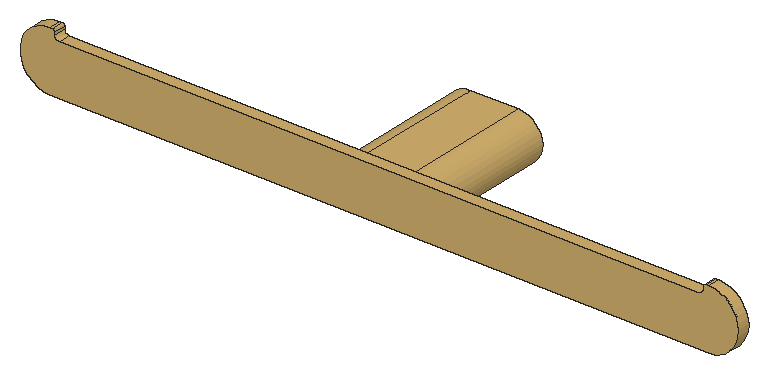
Revit family "RBA1631-522", category Plumbing Fixtures, Revit 2021
Family settings
  Round Connector Dimension = Use Diameter
  Part Type = Normal
  Work Plane-Based = No
  Always vertical = Yes
  Cut with Voids When Loaded = No
  Shared = Yes
  Room Calculation Point = No
Parameters
  Watermarked By = "www.rba.com.au"
  Waste Connection = yes
  Vent Connection = yes
  URL = ""
  Phone Number = "1300 788 778"
  Modified Issue = ""
  Model = "RBA1631-522"
  Materials and Finishes = Heavy Duty Brass, PVD Brushed Brass Finish
  Manufacturer Model = ""
  Manufacturer = "RBA Group"  # constant formula
  HW Connection = yes
  Description = "ōken Double Toilet Roll Holder | PVD Brushed Brass Finish"
  Default Elevation = 0 mm
  Copyright by = "RBA Group"  # constant formula
  CW Connection = yes
Reference planes
  plane 1 "Center (Front/Back)": y = 0
  plane 2: z = 0
  plane 3 "Center (Left/Right)": x = 0
  plane 4: x = 150
  plane 5: x = -150
Forms (mm)
  Extrusion 1, solid, material "Heavy Duty Brass, PVD Brushed Brass Finish" <- "Materials and Finishes"
    sketch origin (0, 0, 0) x (1, 0, 0) y (0, 0, 1)
      loop
        arc (-137.5, 25) -> (-150, 12.5) -> (-137.5, 0) r 12.5
        line (-137.5, 0) -> (137.5, 0)
        arc (137.5, 0) -> (150, 12.5) -> (137.5, 25) r 12.5
        line (137.5, 25) -> (136.5, 25)
        arc (136.5, 25) -> (135.793, 24.707) -> (135.5, 24) r 1
        line (135.5, 24) -> (135.5, 23)
        arc (135.5, 23) -> (134.914, 21.586) -> (133.5, 21) r 2
        line (133.5, 21) -> (-133.5, 21)
        arc (-133.5, 21) -> (-134.914, 21.586) -> (-135.5, 23) r 2
        line (-135.5, 23) -> (-135.5, 24)
        arc (-135.5, 24) -> (-135.793, 24.707) -> (-136.5, 25) r 1
        line (-136.5, 25) -> (-137.5, 25)
    from 55 to 60
  Extrusion 2, solid, material "Heavy Duty Brass, PVD Brushed Brass Finish" <- "Materials and Finishes"
    sketch origin (-1.5, 0, 0) x (1, 0, 0) y (0, 0, 1)
      loop
        arc (-8.5, 20) -> (-18.5, 10) -> (-8.5, 0) r 10
        line (-8.5, 0) -> (11.5, 0)
        arc (11.5, 0) -> (21.5, 10) -> (11.5, 20) r 10
        line (11.5, 20) -> (-8.5, 20)
    from 0 to 55
Dimensions and locks
  aligned and locked: plane 2 to level
